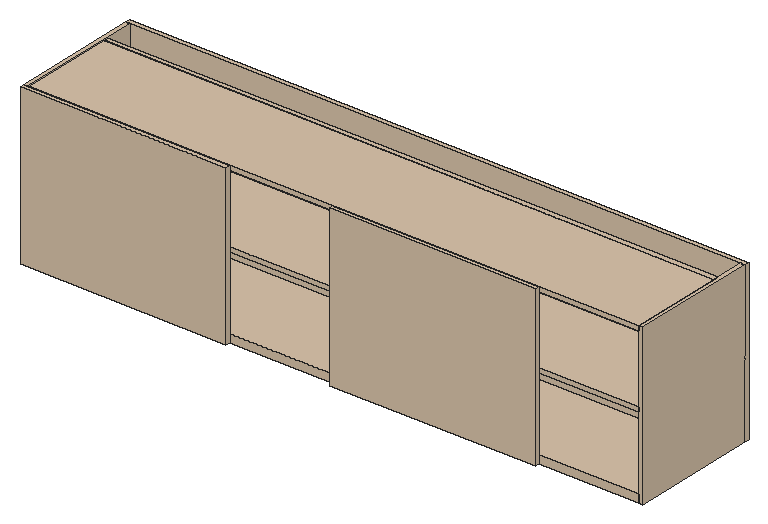
Revit family "Haworth_Masters_AttachedStorage-Sliding Door", category Furniture Systems, Revit 2018
Family settings
  Round Connector Dimension = Use Diameter
  Part Type = Normal
  OmniClass Number = 23.40.70.14.64.21
  OmniClass Title = Systems Furniture
  Work Plane-Based = No
  Always vertical = Yes
  Cut with Voids When Loaded = No
  Shared = No
  Room Calculation Point = No
Parameters (values of type "108w - Two High with Finished Back for Use with Convergent Worktop")
  With Convergent Worktop = yes
  Width = 108"
  Warranty = "http://www.haworth.com/resources/product-info/warranties"
  URL - Product = "http://www.haworth.com/products/desks/freestanding/masters-series"
  URL = "http://www.haworth.com/"
  Two High = not(One and One Half High)  # yes
  Top Drawer Height = if(Two High, 13", 6 1/4")  # 13"
  Sustainability Info = "http://media.haworth.com/asset/94814/Masters%20series%20PEDS.pdf"
  Standard Depths = "18, 23 in."  # constant formula
  Size = "Verify Final Dim. w/ Haworth"  # constant formula
  Revision Number = "1"  # constant formula
  One and One Half High = no
  Hardware Finish = Haworth _ Metal _ Brushed Aluminum
  Finished Back = yes
  Door Width = if(and(Door 1, Door 2), (Actual Width / 3) - 1/16", if(Door 1, (Actual Width / 2) - 1/16", (Actual Width / 2) - 1/16"))  # 35.89583"
  Door 2 = Actual Width > 72"  # yes
  Door 1 = Actual Width > 42"  # yes
  Model = "Haworth Masters - Attached Storage - "  # constant formula
  Min. Width = 29 7/8"  # constant formula
  Max. Width = 108"  # constant formula
  Min. Height = 27 1/2"  # constant formula
  Max. Height = 63 1/2"  # constant formula
  Manufacturer = "Haworth"  # constant formula
  Front Finish [instance] = Haworth _ Wood _ White Oak
  Description = "Haworth Masters Attached Storage"  # constant formula
  Custom Size = not(and(or(Width = 30", Width = 36", Width = 42", Width = 48", Width = 54", Width = 60", Width = 66", Width = 72", Width = 78", Width = 84", Width = 90", Width = 96", Width = 102", Width = 108"), or(Depth = 18", Depth = 23")))  # no
  Cabinet Finish [instance] = Haworth _ Wood _ White Oak
  Cabinet Depth = if(Depth < 18", 18", if(Depth > 23", 23", Depth))  # 23"
  Back Cavity = if(or(With Convergent Worktop, Width < 43"), 5", 0")  # 5"
  Author = "SHAPE Environments, LLC"  # constant formula
  Assembly Code = "E2020200"
  Actual Width = if(Width < Min. Width, Min. Width, if(Width > Max. Width, Max. Width, Width - 1/8"))  # 107 7/8"
  Actual Height = if(Two High, 28", 21 5/8")  # 28"
  Actual Depth = if(and(not(Finished Back), Depth < 18"), 18", if(and(not(Finished Back), Depth > 23"), 23", if(and(Depth < 18", Finished Back), 18 3/4", if(and(Depth > 23", Finished Back), 23 3/4", if(Finished Back, Depth + 3/4", Depth)))))  # 23 3/4"
  Depth = 23"
  Standard Widths = "48, 54, 60, 66, 72, 78, 84, 90, 96, 102, 108 in."  # constant formula
Types (8): name | With Convergent Worktop | Two High | Top Drawer Height | One and One Half High | Finished Back | Cabinet Depth | Back Cavity | Actual Height | Actual Depth | Depth
  108w - Two High with Finished Back for Use with Convergent Worktop | yes | yes | 13" | no | yes | 23" | 5" | 28" | 23 3/4" | 23"
  108w - One and One Half High | no | no | 6 1/4" | yes | no | 23" | 0" | 21 5/8" | 23" | 23"
  108w - One and One Half High with Finished Back for Use with Convergent Worktop | yes | no | 6 1/4" | yes | yes | 23" | 5" | 21 5/8" | 23 3/4" | 23"
  108w - One and One Half High with Finished Back | no | no | 6 1/4" | yes | yes | 18" | 0" | 21 5/8" | 18 3/4" | 18"
  108w - One and One Half High for Use with Convergent Worktop | yes | no | 6 1/4" | yes | no | 23" | 5" | 21 5/8" | 23" | 23"
  108w - Two High with Finished Back | no | yes | 13" | no | yes | 18" | 0" | 28" | 18 3/4" | 18"
  108w - Two High | no | yes | 13" | no | no | 18" | 0" | 28" | 18" | 18"
  108w - Two High for Use with Convergent Worktop | yes | yes | 13" | no | no | 23" | 5" | 28" | 23" | 23"
Reference planes (in)
  plane 1 "Back": y = -4
  plane 2 "BOTTOM OF CABINET": z = 0
  plane 3 "Center L/R": x = 3.125
  plane 4 "Left": x = -50.8125
  plane 5 "Right": x = 57.0625
  plane 6 "Back of Drawer": y = -26.25
  plane 7 "Front": y = -27
  plane 8 "Top": z = 28
  plane 9 "Bottom of Top": z = 27.25
  plane 10 "Left Inside": x = -50.0625
  plane 11 "Right Inside": x = 56.3125
  plane 12 "None": y = -11.5
  plane 13 "FINISHED BACK": y = -3.25
  plane 14 "BOTTOM OF DRAWER": z = 1.75
  plane 15 "drawer centerline": z = 14.9375
  plane 16 "Center": x = 3.125
  plane 17: x = 3.0625
  plane 18: x = 3.1875
  plane 19 "back of shelves": y = -9
  plane 20 "Cab bottom": z = 0.3
  plane 21: z = 15.3125
  plane 22: z = 14.5625
  plane 23: y = -4.80136
  plane 24: y = -21.25
  plane 25: y = -6
  plane 26: y = -22
  plane 27: y = -14
Forms (in)
  Extrusion 1, solid, material "Haworth _ Wood _ White Oak" <- "Cabinet Finish"
    sketch origin (0, 0, 0.3) x (-1, 0, 0) y (0, -1, 0)
      loop
        line (50.8125, 4) -> (50.8125, 26.25) -> (50.0625, 26.25) -> (50.0625, 4) -> (50.8125, 4)
      loop
        line (-57.0625, 4) -> (-56.3125, 4) -> (-56.3125, 26.25) -> (-57.0625, 26.25) -> (-57.0625, 4)
    from 0 to 27.7
  Extrusion 2, solid, material "Haworth _ Wood _ White Oak" <- "Cabinet Finish"
    sketch origin (0.125, 1, 0) x (1, 0, 0) y (0, 1, 0)
      loop
        line (-50.1875, -10.80136) -> (-50.1875, -27.25) -> (56.1875, -27.25) -> (56.1875, -10.80136) -> (-50.1875, -10.80136)
    from 27.25 to 28
  Extrusion 3, solid, material "Haworth _ Wood _ White Oak" <- "Cabinet Finish", visible <- "Finished Back"
    sketch origin (-0.0625, 5.5, 0) x (1, 0, 0) y (0, 1, 0)
      loop
        line (-50.75, -8.75) -> (-50.75, -9.5) -> (57.125, -9.5) -> (57.125, -8.75) -> (-50.75, -8.75)
    from 0.3 to 28
  Extrusion 4, solid, material "Haworth _ Wood _ White Oak" <- "Cabinet Finish"
    sketch origin (0.125, 1, -12.6875) x (1, 0, 0) y (0, 1, 0)
      loop
        line (-50.1875, -10.80136) -> (-50.1875, -27.25) -> (56.1875, -27.25) -> (56.1875, -10.80136) -> (-50.1875, -10.80136)
    from 27.25 to 28
  Extrusion 5, solid, material "Haworth _ Wood _ White Oak" <- "Cabinet Finish"
    sketch origin (0.125, 1, -22.9375) x (1, 0, 0) y (0, 1, 0)
      loop
        line (-50.1875, -5.80136) -> (-50.1875, -27.25) -> (56.1875, -27.25) -> (56.1875, -5.80136) -> (-50.1875, -5.80136)
    from 23.2375 to 24.6875
  Extrusion 6, solid, material "Haworth _ Wood _ White Oak" <- "Cabinet Finish"
    sketch origin (0, 0, 0) x (1, 0, 0) y (0, 1, 0)
      loop
        line (-50.0625, -9) -> (-50.0625, -9.80136) -> (56.3125, -9.80136) -> (56.3125, -9) -> (-50.0625, -9)
    from 0.3 to 28
  Extrusion 7, solid, material "Haworth _ Wood _ White Oak" <- "Front Finish", visible <- "Door 1"
    sketch origin (-50.8125, 0, 0) x (0, 1, 0) y (0, 0, 1)
      loop
        line (-26.25, 28) -> (-27, 28) -> (-27, 0.3) -> (-26.25, 0.3) -> (-26.25, 28)
    from 0 to 35.89583 <- "Door Width"
  Extrusion 8, solid, material "Haworth _ Wood _ White Oak" <- "Front Finish", visible <- "Door 2"
    sketch origin (3.125, 0, 0) x (0, 1, 0) y (0, 0, 1)
      loop
        line (-26.25, 28) -> (-27, 28) -> (-27, 0.3) -> (-26.25, 0.3) -> (-26.25, 28)
    from 0 to 35.89583 <- "Door Width"
Lines and regions (in)
  Masking region 1
    outline origin (0, 0, 27.25) x (0, 1, 0) y (-1, 0, 0)
      loop
        line (-3.25, 50.8125) -> (-27, 50.8125) -> (-27, -57.0625) -> (-3.25, -57.0625) -> (-3.25, 50.8125)
Dimensions and locks (in)
  locked: plane 6 "Back of Drawer" to plane 7 "Front" at 0.75
  "Actual Width": plane 4 "Left" to plane 5 "Right"
  locked: plane 8 "Top" to plane 9 "Bottom of Top" at 0.75
  equal spacing: plane 4 "Left", plane 3 "Center L/R", plane 5 "Right"
  "Actual Height": plane 8 "Top" to level
  locked: plane 10 "Left Inside" to plane 4 "Left" at 0.75
  locked: plane 5 "Right" to plane 11 "Right Inside" at 0.75
  plane 12 "None" to plane 1 "Back" = 7 1/2"
  plane 17 to plane 16 "Center" to plane 18 = 1/16" locked, 1/16" locked
  "Back Cavity": plane 19 "back of shelves" to plane 1 "Back"
  "Cabinet Depth": plane 1 "Back" to plane 7 "Front"
  locked: Extrusion 3 sketch curve to Extrusion 3 sketch curve at 0.75
  "Actual Depth": plane 7 "Front" to plane 13 "FINISHED BACK"
  equal spacing: plane 26, plane 27, plane 25
  aligned: Extrusion 1 to plane 4 "Left"
  aligned: Extrusion 1 to plane 5 "Right"
  aligned: Extrusion 1 to plane 9 "Bottom of Top"
  aligned and locked: Extrusion 2 to plane 8 "Top"
  aligned and locked: Extrusion 2 to plane 9 "Bottom of Top"
  aligned and locked: level to plane 2 "BOTTOM OF CABINET"
  aligned: plane 8 "Top" to Extrusion 1
  aligned and locked: Extrusion 2 sketch curve to plane 6 "Back of Drawer"
  aligned and locked: Extrusion 1 sketch curve to plane 6 "Back of Drawer"
  aligned: plane 1 "Back" to Extrusion 3
  aligned: Extrusion 1 to Extrusion 3  (x2)
  aligned and locked: plane 8 "Top" to Extrusion 3
  aligned: Extrusion 1 to plane 2 "BOTTOM OF CABINET"
  aligned: Extrusion 1 to plane 11 "Right Inside"
  aligned and locked: plane 16 "Center" to plane 3 "Center L/R"
  aligned: Extrusion 4 to Extrusion 2
  aligned and locked: Extrusion 4 to plane 6 "Back of Drawer"
  aligned: Extrusion 1 to plane 6 "Back of Drawer"
  aligned: Extrusion 1 to level
  aligned and locked: plane 10 "Left Inside" to Extrusion 2 sketch curve
  aligned and locked: Extrusion 2 sketch curve to plane 11 "Right Inside"
  aligned and locked: plane 4 "Left" to Masking region 1 sketch curve
  aligned and locked: Masking region 1 sketch curve to plane 7 "Front"
  aligned and locked: plane 5 "Right" to Masking region 1 sketch curve
  aligned: Extrusion 1 to plane 1 "Back"  (x3)
  aligned and locked: Extrusion 1 to plane 1 "Back"
  aligned and locked: Extrusion 1 to plane 5 "Right"
  aligned and locked: Extrusion 1 to plane 11 "Right Inside"
  aligned and locked: Extrusion 1 to plane 4 "Left"
  aligned and locked: plane 10 "Left Inside" to Extrusion 1
  aligned and locked: plane 6 "Back of Drawer" to Extrusion 1
  aligned and locked: plane 8 "Top" to Extrusion 1
  aligned and locked: Extrusion 5 to plane 14 "BOTTOM OF DRAWER"
  aligned: Extrusion 5 to Extrusion 3
  aligned: plane 13 "FINISHED BACK" to Extrusion 3
  aligned and locked: plane 10 "Left Inside" to Extrusion 6 sketch curve
  aligned and locked: Extrusion 6 sketch curve to plane 11 "Right Inside"
  aligned and locked: Extrusion 7 sketch curve to Extrusion 1
  aligned and locked: Extrusion 7 sketch curve to plane 7 "Front"
  aligned and locked: plane 8 "Top" to Extrusion 7 sketch curve
  aligned and locked: Extrusion 1 to Extrusion 6
  aligned and locked: Extrusion 8 sketch curve to Extrusion 1
  aligned and locked: Extrusion 8 sketch curve to Extrusion 7  (x2)
  aligned and locked: plane 8 "Top" to Extrusion 8 sketch curve
  aligned and locked: Extrusion 7 to plane 20 "Cab bottom"
  aligned and locked: Extrusion 7 to Extrusion 5
  aligned and locked: Extrusion 5 to Extrusion 6
  aligned and locked: Extrusion 3 to Extrusion 5
  aligned and locked: Extrusion 2 sketch curve to Extrusion 6
  aligned and locked: Extrusion 4 sketch curve to Extrusion 6
  aligned and locked: Extrusion 7 to plane 4 "Left"
  aligned and locked: Extrusion 8 to plane 3 "Center L/R"
  aligned and locked: plane 21 to Extrusion 4
  aligned and locked: Extrusion 4 to plane 22
  aligned and locked: plane 11 "Right Inside" to Extrusion 4
  aligned and locked: Extrusion 4 to plane 10 "Left Inside"
  aligned and locked: Extrusion 5 to plane 23
  aligned and locked: plane 11 "Right Inside" to Extrusion 5
  aligned and locked: Extrusion 5 to plane 10 "Left Inside"
  aligned and locked: Extrusion 1 to Extrusion 7
  aligned and locked: Extrusion 3 to plane 4 "Left"
  aligned and locked: Extrusion 3 to plane 5 "Right"
  aligned and locked: plane 1 "Back" to Extrusion 3
Automatic sketch dimensions
  Extrusion 3 sketch curve to plane 4 "Left" = 0"
  plane 5 "Right" to Extrusion 3 sketch curve = 0"
  Extrusion 3 sketch curve to plane 1 "Back" = 3/4"
  Extrusion 4 sketch curve to plane 6 "Back of Drawer" = 0"
  Extrusion 4 sketch curve to plane 10 "Left Inside" = 0"
  plane 11 "Right Inside" to Extrusion 4 sketch curve = 0"
  Masking region 1 sketch curve to plane 1 "Back" = 3/4"
  plane 19 "back of shelves" to Extrusion 6 sketch curve = 0.80136"
  Extrusion 6 sketch curve to plane 19 "back of shelves" = 0"
  level to Extrusion 7 sketch curve = 0.3"
  Extrusion 1 sketch curve to plane 5 "Right" = 0"
  plane 1 "Back" to Extrusion 1 sketch curve = 0"  (x2)
  Extrusion 1 sketch curve to plane 11 "Right Inside" = 0"
  Extrusion 1 sketch curve to plane 10 "Left Inside" = 0"
  Extrusion 1 sketch curve to plane 4 "Left" = 0"
  Extrusion 1 sketch curve to plane 6 "Back of Drawer" = 0"
  Extrusion 5 sketch curve to plane 6 "Back of Drawer" = 0"
  Extrusion 5 sketch curve to plane 10 "Left Inside" = 0"
  plane 11 "Right Inside" to Extrusion 5 sketch curve = 0"
  plane 1 "Back" to Extrusion 5 sketch curve = 0.80136"
Types in the file's own list only (88): name | With Convergent Worktop | Width | Two High | Top Drawer Height | One and One Half High | Finished Back | Door Width | Door 2 | Model | Cabinet Depth | Back Cavity | Actual Width | Actual Height | Actual Depth | Depth
  18d 48w - 1.5H Attached Storage - No Back | No | 48" | No | 6 1/4" | Yes | No | 23 7/8" | No | "Haworth Masters - Attached Storage -" | 18" | 0" | 47 7/8" | 21 5/8" | 18" | 18"
  18d 54w - 1.5H Attached Storage - No Back | No | 54" | No | 6 1/4" | Yes | No | 26 7/8" | No | "Haworth Masters - Attached Storage -" | 18" | 0" | 53 7/8" | 21 5/8" | 18" | 18"
  18d 60w - 1.5H Attached Storage - No Back | No | 60" | No | 6 1/4" | Yes | No | 29 7/8" | No | "Haworth Masters - Attached Storage -" | 18" | 0" | 59 7/8" | 21 5/8" | 18" | 18"
  18d 66w - 1.5H Attached Storage - No Back | No | 66" | No | 6 1/4" | Yes | No | 32 7/8" | No | "Haworth Masters - Attached Storage -" | 18" | 0" | 65 7/8" | 21 5/8" | 18" | 18"
  18d 72w - 1.5H Attached Storage - No Back | No | 72" | No | 6 1/4" | Yes | No | 35 7/8" | No | "Haworth Masters - Attached Storage -" | 18" | 0" | 71 7/8" | 21 5/8" | 18" | 18"
  18d 78w - 1.5H Attached Storage - No Back | No | 78" | No | 6 1/4" | Yes | No | 25 229/256" | Yes | "Haworth Masters - Attached Storage -" | 18" | 0" | 77 7/8" | 21 5/8" | 18" | 18"
  18d 84w - 1.5H Attached Storage - No Back | No | 84" | No | 6 1/4" | Yes | No | 27 229/256" | Yes | "Haworth Masters - Attached Storage -" | 18" | 0" | 83 7/8" | 21 5/8" | 18" | 18"
  18d 90w - 1.5H Attached Storage - No Back | No | 90" | No | 6 1/4" | Yes | No | 29 229/256" | Yes | "Haworth Masters - Attached Storage -" | 18" | 0" | 89 7/8" | 21 5/8" | 18" | 18"
  18d 96w - 1.5H Attached Storage - No Back | No | 96" | No | 6 1/4" | Yes | No | 31 229/256" | Yes | "Haworth Masters - Attached Storage -" | 18" | 0" | 95 7/8" | 21 5/8" | 18" | 18"
  18d 102w - 1.5H Attached Storage - No Back | No | 102" | No | 6 1/4" | Yes | No | 33 229/256" | Yes | "Haworth Masters - Attached Storage -" | 18" | 0" | 101 7/8" | 21 5/8" | 18" | 18"
  18d 108w - 1.5H Attached Storage - No Back | No | 108" | No | 6 1/4" | Yes | No | 35 229/256" | Yes | "Haworth Masters - Attached Storage -" | 18" | 0" | 107 7/8" | 21 5/8" | 18" | 18"
  18d 48w - 1.5H Attached Storage - Finished Back | No | 48" | No | 6 1/4" | Yes | Yes | 23 7/8" | No | "Haworth Masters - Attached Storage -" | 18" | 0" | 47 7/8" | 21 5/8" | 18 3/4" | 18"
  18d 54w - 1.5H Attached Storage - Finished Back | No | 54" | No | 6 1/4" | Yes | Yes | 26 7/8" | No | "Haworth Masters - Attached Storage -" | 18" | 0" | 53 7/8" | 21 5/8" | 18 3/4" | 18"
  18d 60w - 1.5H Attached Storage - Finished Back | No | 60" | No | 6 1/4" | Yes | Yes | 29 7/8" | No | "Haworth Masters - Attached Storage -" | 18" | 0" | 59 7/8" | 21 5/8" | 18 3/4" | 18"
  18d 66w - 1.5H Attached Storage - Finished Back | No | 66" | No | 6 1/4" | Yes | Yes | 32 7/8" | No | "Haworth Masters - Attached Storage -" | 18" | 0" | 65 7/8" | 21 5/8" | 18 3/4" | 18"
  18d 72w - 1.5H Attached Storage - Finished Back | No | 72" | No | 6 1/4" | Yes | Yes | 35 7/8" | No | "Haworth Masters - Attached Storage -" | 18" | 0" | 71 7/8" | 21 5/8" | 18 3/4" | 18"
  18d 78w - 1.5H Attached Storage - Finished Back | No | 78" | No | 6 1/4" | Yes | Yes | 25 229/256" | Yes | "Haworth Masters - Attached Storage -" | 18" | 0" | 77 7/8" | 21 5/8" | 18 3/4" | 18"
  18d 84w - 1.5H Attached Storage - Finished Back | No | 84" | No | 6 1/4" | Yes | Yes | 27 229/256" | Yes | "Haworth Masters - Attached Storage -" | 18" | 0" | 83 7/8" | 21 5/8" | 18 3/4" | 18"
  18d 90w - 1.5H Attached Storage - Finished Back | No | 90" | No | 6 1/4" | Yes | Yes | 29 229/256" | Yes | "Haworth Masters - Attached Storage -" | 18" | 0" | 89 7/8" | 21 5/8" | 18 3/4" | 18"
  18d 96w - 1.5H Attached Storage - Finished Back | No | 96" | No | 6 1/4" | Yes | Yes | 31 229/256" | Yes | "Haworth Masters - Attached Storage -" | 18" | 0" | 95 7/8" | 21 5/8" | 18 3/4" | 18"
  18d 102w - 1.5H Attached Storage - Finished Back | No | 102" | No | 6 1/4" | Yes | Yes | 33 229/256" | Yes | "Haworth Masters - Attached Storage -" | 18" | 0" | 101 7/8" | 21 5/8" | 18 3/4" | 18"
  18d 108w - 1.5H Attached Storage - Finished Back | No | 108" | No | 6 1/4" | Yes | Yes | 35 229/256" | Yes | "Haworth Masters - Attached Storage -" | 18" | 0" | 107 7/8" | 21 5/8" | 18 3/4" | 18"
  23d 48w - 1.5H Attached Storage for Convergent Worktop - No Back | Yes | 48" | No | 6 1/4" | Yes | No | 23 7/8" | No | "Haworth Masters - Attached Storage -" | 23" | 5" | 47 7/8" | 21 5/8" | 23" | 23"
  23d 54w - 1.5H Attached Storage for Convergent Worktop - No Back | Yes | 54" | No | 6 1/4" | Yes | No | 26 7/8" | No | "Haworth Masters - Attached Storage -" | 23" | 5" | 53 7/8" | 21 5/8" | 23" | 23"
  23d 60w - 1.5H Attached Storage for Convergent Worktop - No Back | Yes | 60" | No | 6 1/4" | Yes | No | 29 7/8" | No | "Haworth Masters - Attached Storage -" | 23" | 5" | 59 7/8" | 21 5/8" | 23" | 23"
  23d 66w - 1.5H Attached Storage for Convergent Worktop - No Back | Yes | 66" | No | 6 1/4" | Yes | No | 32 7/8" | No | "Haworth Masters - Attached Storage -" | 23" | 5" | 65 7/8" | 21 5/8" | 23" | 23"
  23d 72w - 1.5H Attached Storage for Convergent Worktop - No Back | Yes | 72" | No | 6 1/4" | Yes | No | 35 7/8" | No | "Haworth Masters - Attached Storage -" | 23" | 5" | 71 7/8" | 21 5/8" | 23" | 23"
  23d 78w - 1.5H Attached Storage for Convergent Worktop - No Back | Yes | 78" | No | 6 1/4" | Yes | No | 25 229/256" | Yes | "Haworth Masters - Attached Storage -" | 23" | 5" | 77 7/8" | 21 5/8" | 23" | 23"
  23d 84w - 1.5H Attached Storage for Convergent Worktop - No Back | Yes | 84" | No | 6 1/4" | Yes | No | 27 229/256" | Yes | "Haworth Masters - Attached Storage -" | 23" | 5" | 83 7/8" | 21 5/8" | 23" | 23"
  23d 90w - 1.5H Attached Storage for Convergent Worktop - No Back | Yes | 90" | No | 6 1/4" | Yes | No | 29 229/256" | Yes | "Haworth Masters - Attached Storage -" | 23" | 5" | 89 7/8" | 21 5/8" | 23" | 23"
  23d 96w - 1.5H Attached Storage for Convergent Worktop - No Back | Yes | 96" | No | 6 1/4" | Yes | No | 31 229/256" | Yes | "Haworth Masters - Attached Storage -" | 23" | 5" | 95 7/8" | 21 5/8" | 23" | 23"
  23d 102w - 1.5H Attached Storage for Convergent Worktop - No Back | Yes | 102" | No | 6 1/4" | Yes | No | 33 229/256" | Yes | "Haworth Masters - Attached Storage -" | 23" | 5" | 101 7/8" | 21 5/8" | 23" | 23"
  23d 108w - 1.5H Attached Storage for Convergent Worktop - No Back | Yes | 108" | No | 6 1/4" | Yes | No | 35 229/256" | Yes | "Haworth Masters - Attached Storage -" | 23" | 5" | 107 7/8" | 21 5/8" | 23" | 23"
  23d 48w - 1.5H Attached Storage for Convergent Worktop - Finished Back | Yes | 48" | No | 6 1/4" | Yes | Yes | 23 7/8" | No | "Haworth Masters - Attached Storage -" | 23" | 5" | 47 7/8" | 21 5/8" | 23 3/4" | 23"
  23d 54w - 1.5H Attached Storage for Convergent Worktop - Finished Back | Yes | 54" | No | 6 1/4" | Yes | Yes | 26 7/8" | No | "Haworth Masters - Attached Storage -" | 23" | 5" | 53 7/8" | 21 5/8" | 23 3/4" | 23"
  23d 60w - 1.5H Attached Storage for Convergent Worktop - Finished Back | Yes | 60" | No | 6 1/4" | Yes | Yes | 29 7/8" | No | "Haworth Masters - Attached Storage -" | 23" | 5" | 59 7/8" | 21 5/8" | 23 3/4" | 23"
  23d 66w - 1.5H Attached Storage for Convergent Worktop - Finished Back | Yes | 66" | No | 6 1/4" | Yes | Yes | 32 7/8" | No | "Haworth Masters - Attached Storage -" | 23" | 5" | 65 7/8" | 21 5/8" | 23 3/4" | 23"
  23d 72w - 1.5H Attached Storage for Convergent Worktop - Finished Back | Yes | 72" | No | 6 1/4" | Yes | Yes | 35 7/8" | No | "Haworth Masters - Attached Storage -" | 23" | 5" | 71 7/8" | 21 5/8" | 23 3/4" | 23"
  23d 78w - 1.5H Attached Storage for Convergent Worktop - Finished Back | Yes | 78" | No | 6 1/4" | Yes | Yes | 25 229/256" | Yes | "Haworth Masters - Attached Storage -" | 23" | 5" | 77 7/8" | 21 5/8" | 23 3/4" | 23"
  23d 84w - 1.5H Attached Storage for Convergent Worktop - Finished Back | Yes | 84" | No | 6 1/4" | Yes | Yes | 27 229/256" | Yes | "Haworth Masters - Attached Storage -" | 23" | 5" | 83 7/8" | 21 5/8" | 23 3/4" | 23"
  23d 90w - 1.5H Attached Storage for Convergent Worktop - Finished Back | Yes | 90" | No | 6 1/4" | Yes | Yes | 29 229/256" | Yes | "Haworth Masters - Attached Storage -" | 23" | 5" | 89 7/8" | 21 5/8" | 23 3/4" | 23"
  23d 96w - 1.5H Attached Storage for Convergent Worktop - Finished Back | Yes | 96" | No | 6 1/4" | Yes | Yes | 31 229/256" | Yes | "Haworth Masters - Attached Storage -" | 23" | 5" | 95 7/8" | 21 5/8" | 23 3/4" | 23"
  23d 102w - 1.5H Attached Storage for Convergent Worktop - Finished Back | Yes | 102" | No | 6 1/4" | Yes | Yes | 33 229/256" | Yes | "Haworth Masters - Attached Storage -" | 23" | 5" | 101 7/8" | 21 5/8" | 23 3/4" | 23"
  23d 108w - 1.5H Attached Storage for Convergent Worktop - Finished Back | Yes | 108" | No | 6 1/4" | Yes | Yes | 35 229/256" | Yes | "Haworth Masters - Attached Storage -" | 23" | 5" | 107 7/8" | 21 5/8" | 23 3/4" | 23"
  18d 48w - 2H Attached Storage - No Back | No | 48" | Yes | 13" | No | No | 23 7/8" | No | "Haworth Masters - Attached Storage -" | 18" | 0" | 47 7/8" | 28" | 18" | 18"
  18d 54w - 2H Attached Storage - No Back | No | 54" | Yes | 13" | No | No | 26 7/8" | No | "Haworth Masters - Attached Storage -" | 18" | 0" | 53 7/8" | 28" | 18" | 18"
  18d 60w - 2H Attached Storage - No Back | No | 60" | Yes | 13" | No | No | 29 7/8" | No | "Haworth Masters - Attached Storage -" | 18" | 0" | 59 7/8" | 28" | 18" | 18"
  18d 66w - 2H Attached Storage - No Back | No | 66" | Yes | 13" | No | No | 32 7/8" | No | "Haworth Masters - Attached Storage -" | 18" | 0" | 65 7/8" | 28" | 18" | 18"
  18d 72w - 2H Attached Storage - No Back | No | 72" | Yes | 13" | No | No | 35 7/8" | No | "Haworth Masters - Attached Storage -" | 18" | 0" | 71 7/8" | 28" | 18" | 18"
  18d 78w - 2H Attached Storage - No Back | No | 78" | Yes | 13" | No | No | 25 229/256" | Yes | "Haworth Masters - Attached Storage -" | 18" | 0" | 77 7/8" | 28" | 18" | 18"
  18d 84w - 2H Attached Storage - No Back | No | 84" | Yes | 13" | No | No | 27 229/256" | Yes | "Haworth Masters - Attached Storage -" | 18" | 0" | 83 7/8" | 28" | 18" | 18"
  18d 90w - 2H Attached Storage - No Back | No | 90" | Yes | 13" | No | No | 29 229/256" | Yes | "Haworth Masters - Attached Storage -" | 18" | 0" | 89 7/8" | 28" | 18" | 18"
  18d 96w - 2H Attached Storage - No Back | No | 96" | Yes | 13" | No | No | 31 229/256" | Yes | "Haworth Masters - Attached Storage -" | 18" | 0" | 95 7/8" | 28" | 18" | 18"
  18d 102w - 2H Attached Storage - No Back | No | 102" | Yes | 13" | No | No | 33 229/256" | Yes | "Haworth Masters - Attached Storage -" | 18" | 0" | 101 7/8" | 28" | 18" | 18"
  18d 108w - 2H Attached Storage - No Back | No | 108" | Yes | 13" | No | No | 35 229/256" | Yes | "Haworth Masters - Attached Storage -" | 18" | 0" | 107 7/8" | 28" | 18" | 18"
  18d 48w - 2H Attached Storage - Finished Back | No | 48" | Yes | 13" | No | Yes | 23 7/8" | No | "Haworth Masters - Attached Storage -" | 18" | 0" | 47 7/8" | 28" | 18 3/4" | 18"
  18d 54w - 2H Attached Storage - Finished Back | No | 54" | Yes | 13" | No | Yes | 26 7/8" | No | "Haworth Masters - Attached Storage -" | 18" | 0" | 53 7/8" | 28" | 18 3/4" | 18"
  18d 60w - 2H Attached Storage - Finished Back | No | 60" | Yes | 13" | No | Yes | 29 7/8" | No | "Haworth Masters - Attached Storage -" | 18" | 0" | 59 7/8" | 28" | 18 3/4" | 18"
  18d 66w - 2H Attached Storage - Finished Back | No | 66" | Yes | 13" | No | Yes | 32 7/8" | No | "Haworth Masters - Attached Storage -" | 18" | 0" | 65 7/8" | 28" | 18 3/4" | 18"
  18d 72w - 2H Attached Storage - Finished Back | No | 72" | Yes | 13" | No | Yes | 35 7/8" | No | "Haworth Masters - Attached Storage -" | 18" | 0" | 71 7/8" | 28" | 18 3/4" | 18"
  18d 78w - 2H Attached Storage - Finished Back | No | 78" | Yes | 13" | No | Yes | 25 229/256" | Yes | "Haworth Masters - Attached Storage -" | 18" | 0" | 77 7/8" | 28" | 18 3/4" | 18"
  18d 84w - 2H Attached Storage - Finished Back | No | 84" | Yes | 13" | No | Yes | 27 229/256" | Yes | "Haworth Masters - Attached Storage -" | 18" | 0" | 83 7/8" | 28" | 18 3/4" | 18"
  18d 90w - 2H Attached Storage - Finished Back | No | 90" | Yes | 13" | No | Yes | 29 229/256" | Yes | "Haworth Masters - Attached Storage -" | 18" | 0" | 89 7/8" | 28" | 18 3/4" | 18"
  18d 96w - 2H Attached Storage - Finished Back | No | 96" | Yes | 13" | No | Yes | 31 229/256" | Yes | "Haworth Masters - Attached Storage -" | 18" | 0" | 95 7/8" | 28" | 18 3/4" | 18"
  18d 102w - 2H Attached Storage - Finished Back | No | 102" | Yes | 13" | No | Yes | 33 229/256" | Yes | "Haworth Masters - Attached Storage -" | 18" | 0" | 101 7/8" | 28" | 18 3/4" | 18"
  18d 108w - 2H Attached Storage - Finished Back | No | 108" | Yes | 13" | No | Yes | 35 229/256" | Yes | "Haworth Masters - Attached Storage -" | 18" | 0" | 107 7/8" | 28" | 18 3/4" | 18"
  23d 48w - 2H Attached Storage for Convergent Worktop - No Back | Yes | 48" | Yes | 13" | No | No | 23 7/8" | No | "Haworth Masters - Attached Storage -" | 23" | 5" | 47 7/8" | 28" | 23" | 23"
  23d 54w - 2H Attached Storage for Convergent Worktop - No Back | Yes | 54" | Yes | 13" | No | No | 26 7/8" | No | "Haworth Masters - Attached Storage -" | 23" | 5" | 53 7/8" | 28" | 23" | 23"
  23d 60w - 2H Attached Storage for Convergent Worktop - No Back | Yes | 60" | Yes | 13" | No | No | 29 7/8" | No | "Haworth Masters - Attached Storage -" | 23" | 5" | 59 7/8" | 28" | 23" | 23"
  23d 66w - 2H Attached Storage for Convergent Worktop - No Back | Yes | 66" | Yes | 13" | No | No | 32 7/8" | No | "Haworth Masters - Attached Storage -" | 23" | 5" | 65 7/8" | 28" | 23" | 23"
  23d 72w - 2H Attached Storage for Convergent Worktop - No Back | Yes | 72" | Yes | 13" | No | No | 35 7/8" | No | "Haworth Masters - Attached Storage -" | 23" | 5" | 71 7/8" | 28" | 23" | 23"
  23d 78w - 2H Attached Storage for Convergent Worktop - No Back | Yes | 78" | Yes | 13" | No | No | 25 229/256" | Yes | "Haworth Masters - Attached Storage -" | 23" | 5" | 77 7/8" | 28" | 23" | 23"
  23d 84w - 2H Attached Storage for Convergent Worktop - No Back | Yes | 84" | Yes | 13" | No | No | 27 229/256" | Yes | "Haworth Masters - Attached Storage -" | 23" | 5" | 83 7/8" | 28" | 23" | 23"
  23d 90w - 2H Attached Storage for Convergent Worktop - No Back | Yes | 90" | Yes | 13" | No | No | 29 229/256" | Yes | "Haworth Masters - Attached Storage -" | 23" | 5" | 89 7/8" | 28" | 23" | 23"
  23d 96w - 2H Attached Storage for Convergent Worktop - No Back | Yes | 96" | Yes | 13" | No | No | 31 229/256" | Yes | "Haworth Masters - Attached Storage -" | 23" | 5" | 95 7/8" | 28" | 23" | 23"
  23d 102w - 2H Attached Storage for Convergent Worktop - No Back | Yes | 102" | Yes | 13" | No | No | 33 229/256" | Yes | "Haworth Masters - Attached Storage -" | 23" | 5" | 101 7/8" | 28" | 23" | 23"
  23d 108w - 2H Attached Storage for Convergent Worktop - No Back | Yes | 108" | Yes | 13" | No | No | 35 229/256" | Yes | "Haworth Masters - Attached Storage -" | 23" | 5" | 107 7/8" | 28" | 23" | 23"
  23d 48w - 2H Attached Storage for Convergent Worktop - Finished Back | Yes | 48" | Yes | 13" | No | Yes | 23 7/8" | No | "Haworth Masters - Attached Storage -" | 23" | 5" | 47 7/8" | 28" | 23 3/4" | 23"
  23d 54w - 2H Attached Storage for Convergent Worktop - Finished Back | Yes | 54" | Yes | 13" | No | Yes | 26 7/8" | No | "Haworth Masters - Attached Storage -" | 23" | 5" | 53 7/8" | 28" | 23 3/4" | 23"
  23d 60w - 2H Attached Storage for Convergent Worktop - Finished Back | Yes | 60" | Yes | 13" | No | Yes | 29 7/8" | No | "Haworth Masters - Attached Storage -" | 23" | 5" | 59 7/8" | 28" | 23 3/4" | 23"
  23d 66w - 2H Attached Storage for Convergent Worktop - Finished Back | Yes | 66" | Yes | 13" | No | Yes | 32 7/8" | No | "Haworth Masters - Attached Storage -" | 23" | 5" | 65 7/8" | 28" | 23 3/4" | 23"
  23d 72w - 2H Attached Storage for Convergent Worktop - Finished Back | Yes | 72" | Yes | 13" | No | Yes | 35 7/8" | No | "Haworth Masters - Attached Storage -" | 23" | 5" | 71 7/8" | 28" | 23 3/4" | 23"
  23d 78w - 2H Attached Storage for Convergent Worktop - Finished Back | Yes | 78" | Yes | 13" | No | Yes | 25 229/256" | Yes | "Haworth Masters - Attached Storage -" | 23" | 5" | 77 7/8" | 28" | 23 3/4" | 23"
  23d 84w - 2H Attached Storage for Convergent Worktop - Finished Back | Yes | 84" | Yes | 13" | No | Yes | 27 229/256" | Yes | "Haworth Masters - Attached Storage -" | 23" | 5" | 83 7/8" | 28" | 23 3/4" | 23"
  23d 90w - 2H Attached Storage for Convergent Worktop - Finished Back | Yes | 90" | Yes | 13" | No | Yes | 29 229/256" | Yes | "Haworth Masters - Attached Storage -" | 23" | 5" | 89 7/8" | 28" | 23 3/4" | 23"
  23d 96w - 2H Attached Storage for Convergent Worktop - Finished Back | Yes | 96" | Yes | 13" | No | Yes | 31 229/256" | Yes | "Haworth Masters - Attached Storage -" | 23" | 5" | 95 7/8" | 28" | 23 3/4" | 23"
  23d 102w - 2H Attached Storage for Convergent Worktop - Finished Back | Yes | 102" | Yes | 13" | No | Yes | 33 229/256" | Yes | "Haworth Masters - Attached Storage -" | 23" | 5" | 101 7/8" | 28" | 23 3/4" | 23"
  23d 108w - 2H Attached Storage for Convergent Worktop - Finished Back | Yes | 108" | Yes | 13" | No | Yes | 35 229/256" | Yes | "Haworth Masters - Attached Storage -" | 23" | 5" | 107 7/8" | 28" | 23 3/4" | 23"
